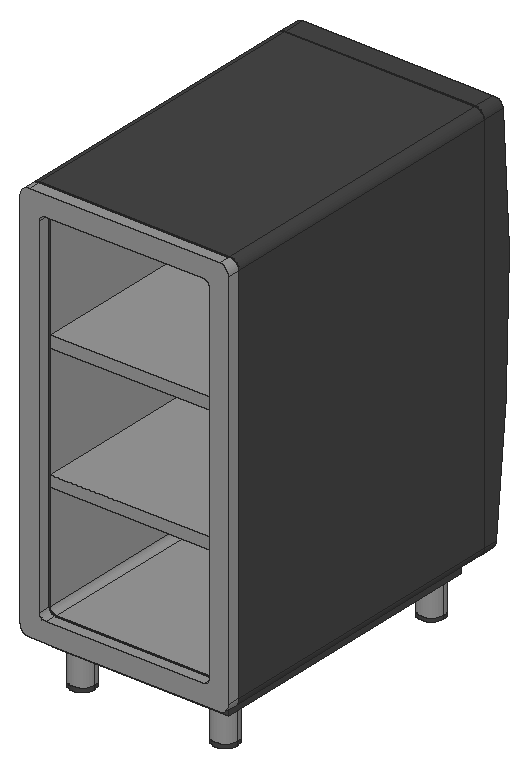
Revit family "Franke_Cup_warmer_A-Series-A600_A800_A1000(USA)", category Specialty Equipment, Revit 2015
Parameters (values of type "Cup warmer A-Series-A600,A800,A1000(110-127V/anthracite/USA)")
  Volts max. = 127 V
  URL = "https://www.franke.com/main/en/cs/products/product-search.html"
  Depth (mm) = 453 mm
  Volts min. = 110 V
  Max Overcurrent Protection = "-"
  Cycle Alternative = 60 Hz
  Cycle = 50 Hz
  Model = "410894 - Cup warmer A-Series - A600, A800, A1000"
  Watts min. = 80 W
  Watts max. = 130 W
  Cost = 0
  Height (mm) = 585 mm
  Manufacturer = "Franke"
  Energy loss acc. to DIN 18873 = "-"
  Width (mm) = 270 mm
  Description = "A-Series key module  Cup warmer"
  Assembly Code = "key module  Cup warmer "
  Keynote = "key module  Cup warmer"
  Weight = "20 kg"
  Number of Poles = 1
  Number of Protective Conductors = "1"
  Number of Nutral Conductors = "1"
  Capacity = "up to 120 cups"
  Frontcover = Franke Anthracite
Types (3, lengths in mm): name | Frontcover
  (no name) | Franke Anthracite
  Cup warmer A-Series-A600,A800,A1000(110-127V/black line/USA) | Franke Black
  Cup warmer A-Series-A600,A800,A1000(110-127V/anthracite/USA) | Franke Anthracite
Reference planes
  plane 1 "Mitte (Vorne/Hinten)": y = 0
  plane 2: z = 0
  plane 3 "Mitte (Links/Rechts)": x = 0
Forms (mm)
  Extrusion 1, solid, material "Franke Anthracite" <- "Frontcover"
    sketch origin (0, 0, 0) x (1, 0, 0) y (0, 0, 1)
      loop
        line (123, 585) -> (-123, 585)
        arc (-123, 585) -> (-131.485, 581.485) -> (-135, 573) r 12
        line (-135, 573) -> (-135, 77)
        arc (-135, 77) -> (-131.485, 68.515) -> (-123, 65) r 12
        line (-123, 65) -> (-85, 65) -> (85, 65) -> (123, 65)
        arc (123, 65) -> (131.485, 68.515) -> (135, 77) r 12
        line (135, 77) -> (135, 573)
        arc (135, 573) -> (131.485, 581.485) -> (123, 585) r 12
      loop
        arc (102, 90) -> (107.657, 92.343) -> (110, 98) r 8
        line (110, 98) -> (110, 552)
        arc (110, 552) -> (107.657, 557.657) -> (102, 560) r 8
        line (102, 560) -> (-102, 560)
        arc (-102, 560) -> (-107.657, 557.657) -> (-110, 552) r 8
        line (-110, 552) -> (-110, 98)
        arc (-110, 98) -> (-107.657, 92.343) -> (-102, 90) r 8
        line (-102, 90) -> (102, 90)
    from 199.53 to 214.53
  Extrusion 2, solid, material "Franke Black"
    sketch origin (0, 0, 0) x (1, 0, 0) y (0, 0, 1)
      loop
        line (123, 585) -> (-123, 585)
        arc (-123, 585) -> (-131.485, 581.485) -> (-135, 573) r 12
        line (-135, 573) -> (-135, 77)
        arc (-135, 77) -> (-131.485, 68.515) -> (-123, 65) r 12
        line (-123, 65) -> (123, 65)
        arc (123, 65) -> (131.485, 68.515) -> (135, 77) r 12
        line (135, 77) -> (135, 573)
        arc (135, 573) -> (131.485, 581.485) -> (123, 585) r 12
      loop
        line (115, 565) -> (-115, 565) -> (-115, 85) -> (115, 85) -> (115, 565)
    from -198.03 to 198.03
  Extrusion 3, solid, material "Franke Black"
    sketch origin (0, 0, 0) x (0, 1, 0) y (0, 0, 1)
      loop
        line (186.97, 65) -> (-188.03, 65) -> (-188.03, 45) -> (186.97, 45) -> (186.97, 65)
    from -114 to 114
  Extrusion 4, solid, material "Franke Black"
    sketch origin (0, 0, 0) x (0, 1, 0) y (0, 0, 1)
      loop
        line (199.53, 585) -> (199.53, 65) -> (216.03, 65)
        arc (216.03, 65) -> (224.982, 150.997) -> (233.478, 237.039) r 16328.175
        arc (233.478, 237.039) -> (233.864, 241.879) -> (234.093, 246.728) r 150
        arc (234.093, 246.728) -> (236.227, 326.074) -> (237.701, 405.435) r 9548.581
        arc (237.701, 405.435) -> (237.699, 406.999) -> (237.648, 408.563) r 50
        arc (237.648, 408.563) -> (233.118, 496.797) -> (228.03, 585) r 14002.549
        line (228.03, 585) -> (199.53, 585)
    from -135 to 135
  Extrusion 5, void
    sketch origin (0, 0, 0) x (1, 0, 0) y (0, 0, 1)
      loop
        line (-123, 585) -> (-123, 595) -> (-145, 595) -> (-145, 573) -> (-135, 573)
        arc (-135, 573) -> (-131.485, 581.485) -> (-123, 585) r 12
      loop
        arc (123, 585) -> (131.485, 581.485) -> (135, 573) r 12
        line (135, 573) -> (145, 573) -> (145, 595) -> (123, 595) -> (123, 585)
      loop
        arc (-123, 65) -> (-131.485, 68.515) -> (-135, 77) r 12
        line (-135, 77) -> (-145, 77) -> (-145, 55) -> (-123, 55) -> (-123, 65)
      loop
        line (123, 65) -> (123, 55) -> (145, 55) -> (145, 77) -> (135, 77)
        arc (135, 77) -> (131.485, 68.515) -> (123, 65) r 12
    from -305.226 to 299.817
  Extrusion 6, solid, material "Franke Chrome"
    sketch origin (0, 0, 0) x (1, 0, 0) y (0, 1, 0)
      loop
        circle (-92.493, -167.305) r 16
      loop
        circle (92.493, -167.305) r 16
      loop
        circle (-92.493, 166.245) r 16
      loop
        circle (92.493, 166.245) r 16
    from 5 to 45
  Extrusion 7, solid, material "Franke Black"
    sketch origin (0, 0, 0) x (1, 0, 0) y (0, 1, 0)
      loop
        line (-107.5, 117.97) -> (-107.5, 96.52) -> (-90.75, 96.52) -> (-90.75, 117.97) -> (-107.5, 117.97)
      loop
        line (90.75, 117.97) -> (90.75, 96.52) -> (107.5, 96.52) -> (107.5, 117.97) -> (90.75, 117.97)
      loop
        line (-107.5, -97.58) -> (-107.5, -119.03) -> (-90.75, -119.03) -> (-90.75, -97.58) -> (-107.5, -97.58)
      loop
        line (90.75, -97.58) -> (90.75, -119.03) -> (107.5, -119.03) -> (107.5, -97.58) -> (90.75, -97.58)
    from 41 to 45
  Extrusion 8, solid, material "Franke Black"
    sketch origin (0, 0, 0) x (1, 0, 0) y (0, 0, 1)
      loop
        line (-120, 65) -> (120, 65) -> (120, 575) -> (-120, 575) -> (-120, 65)
      loop
        arc (-102, 560) -> (-107.657, 557.657) -> (-110, 552) r 8
        line (-110, 552) -> (-110, 98)
        arc (-110, 98) -> (-107.657, 92.343) -> (-102, 90) r 8
        line (-102, 90) -> (102, 90)
        arc (102, 90) -> (107.657, 92.343) -> (110, 98) r 8
        line (110, 98) -> (110, 552)
        arc (110, 552) -> (107.657, 557.657) -> (102, 560) r 8
        line (102, 560) -> (-102, 560)
    from 198.03 to 199.53
  Extrusion 9, solid, material "Franke Black"
    sketch origin (0, 397.56, 0) x (1, 0, 0) y (0, 0, 1)
      loop
        line (-120, 65) -> (120, 65) -> (120, 575) -> (-120, 575) -> (-120, 65)
    from 198.03 to 199.53
  Extrusion 10, solid, material "Franke Stainless Steel"
    sketch origin (0, 0, 41) x (1, 0, 0) y (0, 0, 1)
      loop
        line (-110, 372) -> (-110, 357) -> (110, 357) -> (110, 372) -> (-110, 372)
      loop
        line (-110, 210) -> (-110, 195) -> (110, 195) -> (110, 210) -> (-110, 210)
    from -190.97 to 198.03
  Extrusion 11, solid, material "Franke Stainless Steel"
    sketch origin (0, 0, 41) x (1, 0, 0) y (0, 0, 1)
      loop
        arc (-102, 519) -> (-107.657, 516.657) -> (-110, 511) r 8
        line (-110, 511) -> (-110, 57)
        arc (-110, 57) -> (-107.657, 51.343) -> (-102, 49) r 8
        line (-102, 49) -> (102, 49)
        arc (102, 49) -> (107.657, 51.343) -> (110, 57) r 8
        line (110, 57) -> (110, 511)
        arc (110, 511) -> (107.657, 516.657) -> (102, 519) r 8
        line (102, 519) -> (-102, 519)
    from -198.03 to -190.97
  Extrusion 12, solid, material "Franke Stainless Steel"
    sketch origin (0, 0, 41) x (1, 0, 0) y (0, 0, 1)
      loop
        line (-115, 524) -> (-115, 44) -> (115, 44) -> (115, 524) -> (-115, 524)
      loop
        arc (-102, 519) -> (-107.657, 516.657) -> (-110, 511) r 8
        line (-110, 511) -> (-110, 57)
        arc (-110, 57) -> (-107.657, 51.343) -> (-102, 49) r 8
        line (-102, 49) -> (102, 49)
        arc (102, 49) -> (107.657, 51.343) -> (110, 57) r 8
        line (110, 57) -> (110, 511)
        arc (110, 511) -> (107.657, 516.657) -> (102, 519) r 8
        line (102, 519) -> (-102, 519)
    from -190.97 to 198.03
  Extrusion 13, solid, material "Franke Black"
    sketch origin (0, 0, 10) x (0, -1, 0) y (1, 0, 0)
      loop
        circle (167.305, -92.493) r 16
      loop
        circle (167.305, 92.493) r 16
      loop
        circle (-166.245, -92.493) r 16
      loop
        circle (-166.245, 92.493) r 16
    from -10 to -5
  Extrusion 14, solid, material "Franke Chrome"
    sketch origin (0, 0, 0) x (1, 0, 0) y (0, 1, 0)
      loop
        circle (0, 146.221) r 2.5
    from 41 to 45
Cuts and joins
  Extrusion 5 cuts Extrusion 4
Dimensions and locks
  aligned and locked: level to plane 2
Connectors
  electrical at (0, 146.221, 41), driven by "Volts min.", driven by "Number of Poles"
    settings: on Extrusion 14, index 1, voltage 110 V, apparent load 0 VA, apparent load phase1 0 VA, apparent load phase2 0 VA, apparent load phase3 0 VA, power factor 1, load classification "Strom", number of poles 1, system type 31, power factor state 1, is connector primary yes, connector utility no, sub classification motor no, connector description ""
